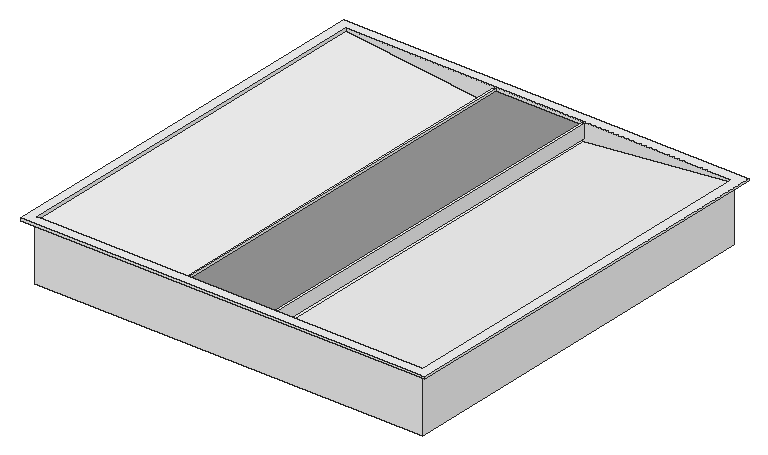
Revit family "2069245 Sylvania Lighting Fixture OFFICELYTE 600 HE 4K DALI EMPRO", category Lighting Fixtures, host Face, Revit 2017
Family settings
  Host = Face
  Round Connector Dimension = Use Diameter
  Part Type = Normal
  OmniClass Number = 23.80.70.11.17
  OmniClass Title = Specialized Lighting by Location or Use
  Cut with Voids When Loaded = No
  Light Source = Yes
  Shared = No
  Room Calculation Point = No
Parameters (values of type "2069245 OFFICELYTE 600 HE 4K DALI EMPRO Emergency mode")
  Width_SYL = 595.0 mm
  Weight = "7.1 kg"
  Wattage = 1.68702 W
  WarrantyStartDate [instance] = "n/a"
  WarrantyGuarantorParts = "n/a"
  WarrantyDurationUnit = "n/a"
  WarrantyDurationParts = "n/a"
  WarrantyDescription = "n/a"
  built-in parameter 1150110 = 1 (stored number, unit not read)
  Voltage = 230 V
  URL = "http://www.sylvania-lighting.com"
  TypeName = "OFFICELYTE 600 HE 4K DALI EMPRO Emergency mode"
  built-in parameter 1114217 = 1 (stored number, unit not read)
  Tilt Angle = -90.00°
  built-in parameter 1150109 = 1 (stored number, unit not read)
  built-in parameter 1150134 = 12
  built-in parameter 1150113 = 1 (stored number, unit not read)
  SerialNumber [instance] = "n/a"
  PowerFactor = 0.98
  PowerConsumption = "27 W"
  Photometric Web File = "2069245EM.ies"
  NominalWidth = 0.0 mm
  NominalLength = 595.0 mm
  NominalHeight = 87.0 mm
  Name = "OFFICELYTE 600 HE 4K DALI EMPRO Emergency mode"
  ModelReference = "OFFICELYTE 600 HE 4K DALI EMPRO Emergency mode"
  ModelNumber = "2069245"
  Material = "zintec housing, acrylic diffuser"
  ManufacturerName = "Feilo Sylvania"
  LuminousEfficacy = "131 lm/W"
  LuminaireType = ""
  LightOutputRatio = "100"
  Length_SYL = Width_SYL  # 595.0 mm
  LampsType = Lamp  # "LED"
  LampNominalLuminous = "3545 lm"
  LampMacAdamStep = "n/a"
  LampColourTemperature = "4000 K"
  LampColourRenderingIndex = "80"
  Keynote = "16500"
  InstallationDate [instance] = "n/a"
  InputVoltage = "230-240V~"
  InputNominalFrequency = "50/60 Hz"
  IngressProtection = "IP20"
  ImpactProtectionIndex = "IK02"
  IfcExportType = "IfcLightFixtureType"
  IfcExportAs = "IfcLightFixtureType"
  Height_SYL = 84.0 mm
  ExpectedLife = 50000
  ElectricShockClassification = "Class I"
  DurationUnit = "hours"
  DocumentationLiterature = "http://www.sylvania-lighting.com/product/en-int/products/2069245"
  DimmingControlOptions = "Dimmable"
  Material_2_SYL = Acrylic_Sylvania_Officelyte LP LED_Satin_4000K
  CreatedOn = "8/23/2018"
  CreatedBy = ""
  built-in parameter 1114216 [instance] = 1 (stored number, unit not read)
  Model = "OFFICELYTE 600 HE 4K DALI EMPRO Emergency mode"
  Manufacturer = "Havells-Sylvania Group"  # constant formula
  built-in parameter 1150105 = 17.587 (stored number, unit not read)
  Lumens = 221 lm
  built-in parameter 1150115 = 1 (stored number, unit not read)
  built-in parameter 1150137 = (empty or 0)
  built-in parameter 1150139 = (empty or 0)
  built-in parameter 1150112 = 1 (stored number, unit not read)
  built-in parameter 1150114 = 1 (stored number, unit not read)
  Lamp = "LED"
  built-in parameter 1150132 = 2
  built-in parameter 1150102 = (empty or 0)
  built-in parameter 1150107 = 4000 (stored number, unit not read)
  built-in parameter 1150138 = (empty or 0)
  built-in parameter 1150106 = 0.17587 (stored number, unit not read)
  Material_3_SYL = Steel_Sylvania_Officelyte LP LED_White_RAL 9016
  Emit from Rectangle Width = Width_SYL - 31.0 mm  # 564.0 mm
  Emit from Rectangle Length = Length_SYL - 31.0 mm  # 564.0 mm
  Emit Shape Visible in Rendering = no
  built-in parameter 1150104 = 12.17 (stored number, unit not read)
  Dimming Lamp Color Temperature Shift = <None>
  Material_1_SYL = Steel_Sylvania_Officelyte LP LED_White_RAL 9016
  Description = "The Concord OFFICELYTE LP LED HO 4K 600 is a high efficient luminaire for Office, education, meeting rooms. With efficacy of 95lm/W, at 4549lm, CRI of 85 and a very low glare ratio according to EN12464."  # constant formula
  Default Elevation = 0.0 mm
  Color Filter = 16777215
  built-in parameter 1140040 [instance] = 1
  BarCode [instance] = "n/a"
  built-in parameter 1114218 = 1 (stored number, unit not read)
  built-in parameter 1150133 = 10 (stored number, unit not read)
  AssetType = "Fixed"
  AssetIdentifier [instance] = "n/a"
  Assembly Code = "D5020200"
  Apparent Load = 1.68702 VA
Types (2, lengths in mm): name | Wattage | TypeName | Photometric Web File | Name | ModelReference | Model | built-in parameter 1150105 | Lumens | built-in parameter 1150106 | Apparent Load
  2069245 OFFICELYTE 600 HE 4K DALI EMPRO Emergency mode | 1.68702 W | "OFFICELYTE 600 HE 4K DALI EMPRO Emergency mode" | "2069245EM.ies" | "OFFICELYTE 600 HE 4K DALI EMPRO Emergency mode" | "OFFICELYTE 600 HE 4K DALI EMPRO Emergency mode" | "OFFICELYTE 600 HE 4K DALI EMPRO Emergency mode" | 17.587 (stored number, unit not read) | 221 lm | 0.17587 (stored number, unit not read) | 1.68702 VA
  2069245 OFFICELYTE 600 HE 4K DALI EMPRO | 27 W | "OFFICELYTE 600 HE 4K DALI EMPRO" | "2069245.ies" | "OFFICELYTE 600 HE 4K DALI EMPRO" | "OFFICELYTE 600 HE 4K DALI EMPRO" | "OFFICELYTE 600 HE 4K DALI EMPRO" | 281.47 (stored number, unit not read) | 3537 lm | 2.8147 (stored number, unit not read) | 27 VA
Reference planes
  plane 1 "Center (Front/Back)": y = 0
  plane 2: z = 0
  plane 3 "Center (Left/Right)": x = 0
  plane 4 "Fixture Bottom": z = 3
  plane 5 "Fixture Right": x = 297.5
  plane 6 "Profile Right": x = 284
  plane 7 "Profile Left": x = -284
  plane 8 "Fixture Left": x = -297.5
  plane 9 "Profile Back": y = 284
  plane 10 "Fixture Back": y = 297.5
  plane 11 "Fixture Front": y = -297.5
  plane 12: z = -25
  plane 13 "Box Right": x = 286
  plane 14 "Box Left": x = -286
  plane 15 "Box Back": y = 286
  plane 16 "Box Front": y = -286
  plane 17: x = 66.5
  plane 18: x = -66.5
  plane 19 "Difuser Right": x = 63.5
  plane 20 "Difuser Left": x = -63.5
  plane 21: z = -2
  plane 22: z = -4
  plane 23 "Profile Front": y = -284
  plane 24 "Fixture Top": z = -84
  plane 25 "Box Thickness": z = -82
  plane 26: z = -20
Forms (mm)
  Extrusion 1, void
    sketch origin (0, 0, 59) x (-1, 0, 0) y (0, -1, 0)
      loop
        line (-286, -286) -> (286, -286) -> (286, 286) -> (-286, 286) -> (-286, -286)
    from -141 to -56
  Extrusion 2, solid, material "Steel_Sylvania_Officelyte LP LED_White_RAL 9016" <- "Material_3_SYL", detail levels fine
    sketch origin (20, 0, 59) x (-1, 0, 0) y (0, -1, 0)
      loop
        line (-277.5, -297.5) -> (317.5, -297.5) -> (317.5, 297.5) -> (-277.5, 297.5) -> (-277.5, -297.5)
      loop
        line (304, -284) -> (304, 284) -> (-264, 284) -> (-264, -284) -> (304, -284)
    from -59 to -56
  Extrusion 3, solid, material "Steel_Sylvania_Officelyte LP LED_White_RAL 9016" <- "Material_3_SYL", detail levels fine
    sketch origin (0, 0, 0) x (1, 0, 0) y (0, 0, 1)
      loop
        arc (-65.868, -23.244) -> (-175.523, -17.552) -> (-284, -0.537) r 1059.086
        line (-284, -0.537) -> (-284, -2.581)
        arc (-284, -2.581) -> (-175.521, -19.563) -> (-65.868, -25.244) r 1061.086
        line (-65.868, -25.244) -> (65.87, -25.244)
        arc (65.87, -25.244) -> (175.522, -19.563) -> (284, -2.581) r 1061.094
        line (284, -2.581) -> (284, -0.538)
        arc (284, -0.538) -> (175.524, -17.552) -> (65.87, -23.244) r 1059.094
        line (65.87, -23.244) -> (-65.868, -23.244)
    from -284 to 284
  Extrusion 4, solid, material "Steel_Sylvania_Officelyte LP LED_White_RAL 9016" <- "Material_3_SYL", detail levels fine
    sketch origin (0, 0, 59) x (-1, 0, 0) y (0, -1, 0)
      loop
        line (284, -284) -> (284, 284) -> (-284, 284) -> (-284, -284) -> (284, -284)
      loop
        line (286, -286) -> (286, 286) -> (-286, 286) -> (-286, -286) -> (286, -286)
    from -141 to -59
  Extrusion 5, solid, material "Steel_Sylvania_Officelyte LP LED_White_RAL 9016" <- "Material_3_SYL", detail levels fine
    sketch origin (0, 0, 59) x (-1, 0, 0) y (0, -1, 0)
      loop
        line (66.5, -284) -> (66.5, 284) -> (63.5, 284) -> (63.5, -284) -> (66.5, -284)
      loop
        line (-66.5, 284) -> (-66.5, -284) -> (-63.5, -284) -> (-63.5, 284) -> (-66.5, 284)
    from -79 to -59
  Extrusion 6, solid, material "Acrylic_Sylvania_Officelyte LP LED_Satin_4000K" <- "Material_2_SYL", detail levels fine
    sketch origin (0, 0, -581) x (-1, 0, 0) y (0, -1, 0)
      loop
        line (-63.5, -284) -> (63.5, -284) -> (63.5, 284) -> (-63.5, 284) -> (-63.5, -284)
    from 577 to 579
  Extrusion 7, solid, material "Steel_Sylvania_Officelyte LP LED_White_RAL 9016" <- "Material_1_SYL", detail levels coarse+medium
    sketch origin (0, 0, 59) x (-1, 0, 0) y (0, -1, 0)
      loop
        line (297.5, -297.5) -> (297.5, 297.5) -> (-297.5, 297.5) -> (-297.5, -297.5) -> (297.5, -297.5)
    from -59 to -56
  Extrusion 8, solid, material "Steel_Sylvania_Officelyte LP LED_White_RAL 9016" <- "Material_1_SYL", detail levels coarse+medium
    sketch origin (0, 0, -501) x (-1, 0, 0) y (0, -1, 0)
      loop
        line (286, -286) -> (286, 286) -> (-286, 286) -> (-286, -286) -> (286, -286)
    from 417 to 501
  Extrusion 9, solid, material "Steel_Sylvania_Officelyte LP LED_White_RAL 9016" <- "Material_3_SYL", detail levels fine
    sketch origin (0, 0, 59) x (-1, 0, 0) y (0, -1, 0)
      loop
        line (-286, -286) -> (286, -286) -> (286, 286) -> (-286, 286) -> (-286, -286)
    from -143 to -141
Cuts and joins
  joined: Extrusion 2, Extrusion 4, Extrusion 9
  joined: Extrusion 3, Extrusion 5
Lines and regions (mm)
  symbolic lines
    curve 1: line (-297.5, 297.5, 59) -> (297.5, 297.5, 59)
    curve 2: line (-297.5, -297.5, 59) -> (-297.5, 297.5, 59)
    curve 3: line (297.5, -297.5, 59) -> (-297.5, -297.5, 59)
    curve 4: line (297.5, 297.5, 59) -> (297.5, -297.5, 59)
Dimensions and locks
  "Height_SYL": host face to plane 24 "Fixture Top"
  locked: plane 25 "Box Thickness" to plane 24 "Fixture Top" at 2
  "Width_SYL": plane 10 "Fixture Back" to plane 11 "Fixture Front"
  "Length_SYL": plane 8 "Fixture Left" to plane 5 "Fixture Right"
  equal spacing: plane 10 "Fixture Back", plane 1 "Center (Front/Back)", plane 11 "Fixture Front"
  equal spacing: plane 8 "Fixture Left", plane 3 "Center (Left/Right)", plane 5 "Fixture Right"
  locked: plane 18 to plane 20 "Difuser Left" at 3
  locked: plane 19 "Difuser Right" to plane 17 at 3
  plane 8 "Fixture Left" to plane 14 "Box Left" to plane 7 "Profile Left" = 11.5 mm locked, 2.0 mm locked
  plane 10 "Fixture Back" to plane 15 "Box Back" to plane 9 "Profile Back" = 11.5 mm locked, 2.0 mm locked
  plane 6 "Profile Right" to plane 13 "Box Right" to plane 5 "Fixture Right" = 2.0 mm locked, 11.5 mm locked
  plane 23 "Profile Front" to plane 16 "Box Front" to plane 11 "Fixture Front" = 2.0 mm locked, 11.5 mm locked
  plane 4 "Fixture Bottom" to plane 2 to plane 21 to plane 22 to plane 12 = 3.0 mm locked, 2.0 mm locked, 2.0 mm locked, 21.0 mm locked
  aligned and locked: plane 2 to host face
  aligned and locked: level to host face
  aligned and locked: plane 1 "Center (Front/Back)" to imposter light
  aligned and locked: plane 10 "Fixture Back" to Extrusion 2
  aligned and locked: plane 8 "Fixture Left" to Extrusion 2
  aligned and locked: Extrusion 2 to plane 7 "Profile Left"
  aligned and locked: Extrusion 2 to plane 5 "Fixture Right"
  aligned and locked: plane 6 "Profile Right" to Extrusion 2
  aligned and locked: Extrusion 2 to plane 11 "Fixture Front"
  aligned and locked: plane 4 "Fixture Bottom" to Extrusion 2
  aligned and locked: plane 18 to Extrusion 5 sketch curve
  aligned and locked: Extrusion 5 sketch curve to plane 17
  aligned and locked: plane 19 "Difuser Right" to Extrusion 5 sketch curve
  aligned and locked: Extrusion 5 sketch curve to plane 20 "Difuser Left"
  aligned and locked: plane 19 "Difuser Right" to Extrusion 6 sketch curve
  aligned and locked: Extrusion 6 sketch curve to plane 20 "Difuser Left"
  aligned and locked: plane 21 to Extrusion 6
  aligned and locked: Extrusion 6 to plane 22
  aligned and locked: Extrusion 7 sketch curve to plane 10 "Fixture Back"
  aligned and locked: plane 5 "Fixture Right" to Extrusion 7 sketch curve
  aligned and locked: plane 11 "Fixture Front" to Extrusion 7 sketch curve
  aligned and locked: Extrusion 7 sketch curve to plane 8 "Fixture Left"
  aligned and locked: plane 4 "Fixture Bottom" to Extrusion 7
  aligned and locked: Extrusion 8 to plane 24 "Fixture Top"
  aligned and locked: level to Extrusion 8
  aligned and locked: plane 5 "Fixture Right" to curve 4
  aligned and locked: curve 1 to plane 10 "Fixture Back"
  aligned and locked: curve 2 to plane 8 "Fixture Left"
  aligned and locked: plane 11 "Fixture Front" to curve 3
  aligned and locked: plane 9 "Profile Back" to Extrusion 4
  aligned and locked: Extrusion 4 sketch curve to plane 9 "Profile Back"
  aligned and locked: Extrusion 4 to Extrusion 1
  aligned and locked: imposter light to Extrusion 1
  aligned and locked: Extrusion 9 to plane 24 "Fixture Top"
  aligned and locked: plane 25 "Box Thickness" to Extrusion 9
  aligned and locked: cut or joined group of Extrusion 2, Extrusion 4, Extrusion 9 to plane 25 "Box Thickness"
  aligned and locked: Extrusion 4 sketch curve to plane 13 "Box Right"
  aligned and locked: plane 15 "Box Back" to Extrusion 4 sketch curve
  aligned and locked: Extrusion 4 sketch curve to plane 14 "Box Left"
  aligned and locked: plane 16 "Box Front" to Extrusion 4 sketch curve
  aligned and locked: Extrusion 9 sketch curve to plane 16 "Box Front"
  aligned and locked: plane 13 "Box Right" to Extrusion 9 sketch curve
  aligned and locked: Extrusion 9 sketch curve to plane 15 "Box Back"
  aligned and locked: Extrusion 9 sketch curve to plane 14 "Box Left"
  aligned and locked: plane 7 "Profile Left" to cut or joined group of Extrusion 3, Extrusion 5
  aligned and locked: cut or joined group of Extrusion 3, Extrusion 5 to plane 6 "Profile Right"
  aligned and locked: plane 9 "Profile Back" to cut or joined group of Extrusion 3, Extrusion 5
  aligned and locked: cut or joined group of Extrusion 3, Extrusion 5 to plane 23 "Profile Front"
  aligned and locked: plane 23 "Profile Front" to Extrusion 5 sketch curve
  aligned and locked: Extrusion 5 sketch curve to plane 9 "Profile Back"
  aligned and locked: Extrusion 8 sketch curve to plane 13 "Box Right"
  aligned and locked: plane 15 "Box Back" to Extrusion 8 sketch curve
  aligned and locked: plane 16 "Box Front" to Extrusion 8 sketch curve
  aligned and locked: plane 14 "Box Left" to Extrusion 8 sketch curve
  aligned and locked: Extrusion 1 sketch curve to Extrusion 8  (x4)
  aligned and locked: Extrusion 6 sketch curve to plane 23 "Profile Front"
  aligned and locked: plane 9 "Profile Back" to Extrusion 6 sketch curve
  aligned and locked: cut or joined group of Extrusion 3, Extrusion 5 to plane 26
  aligned and locked: plane 4 "Fixture Bottom" to imposter light
Automatic sketch dimensions
  host sketch curve to host sketch curve = 1305.563 mm
  host sketch curve to host sketch curve = 1414.187 mm
  Extrusion 2 sketch curve to plane 5 "Fixture Right" = 0.0 mm
  Extrusion 2 sketch curve to plane 6 "Profile Right" = 0.0 mm
  Extrusion 2 sketch curve to plane 7 "Profile Left" = 0.0 mm
  Extrusion 2 sketch curve to plane 8 "Fixture Left" = 0.0 mm
  Extrusion 2 sketch curve to plane 10 "Fixture Back" = 0.0 mm
  plane 9 "Profile Back" to Extrusion 2 sketch curve = 0.0 mm
  Extrusion 2 sketch curve to plane 23 "Profile Front" = 0.0 mm
  Extrusion 2 sketch curve to plane 11 "Fixture Front" = 0.0 mm
  Extrusion 3 sketch curve to Extrusion 3 sketch curve = 0.0 mm  (x2)
  Extrusion 3 sketch curve to Extrusion 3 sketch curve = 0.001 mm  (x2)
  Extrusion 3 sketch curve to level = 0.537 mm
  plane 14 "Box Left" to Extrusion 3 sketch curve = 2.0 mm
  Extrusion 3 sketch curve to plane 12 = 0.244 mm
  plane 18 to Extrusion 3 sketch curve = 0.632 mm
  Extrusion 3 sketch curve to plane 17 = 0.63 mm
  Extrusion 3 sketch curve to level = 0.538 mm
  Extrusion 3 sketch curve to plane 13 "Box Right" = 2.0 mm
  Extrusion 3 sketch curve to level = 23.244 mm
  Extrusion 4 sketch curve to plane 6 "Profile Right" = 0.0 mm
  Extrusion 4 sketch curve to plane 7 "Profile Left" = 0.0 mm
  Extrusion 4 sketch curve to plane 23 "Profile Front" = 0.0 mm
  Extrusion 5 sketch curve to plane 9 "Profile Back" = 0.0 mm
  Extrusion 5 sketch curve to plane 23 "Profile Front" = 0.0 mm
Connectors
  electrical at (0, 0, -84), driven by "Apparent Load"
    settings: on Extrusion 8, index 1, voltage 230 V, apparent load 0 VA, apparent load phase1 1.68702 VA, apparent load phase2 0 VA, apparent load phase3 0 VA, power factor 1, load classification "Lighting", number of poles 1, system type 31, power factor state 1, is connector primary yes, connector utility no, sub classification motor no, connector description ""
